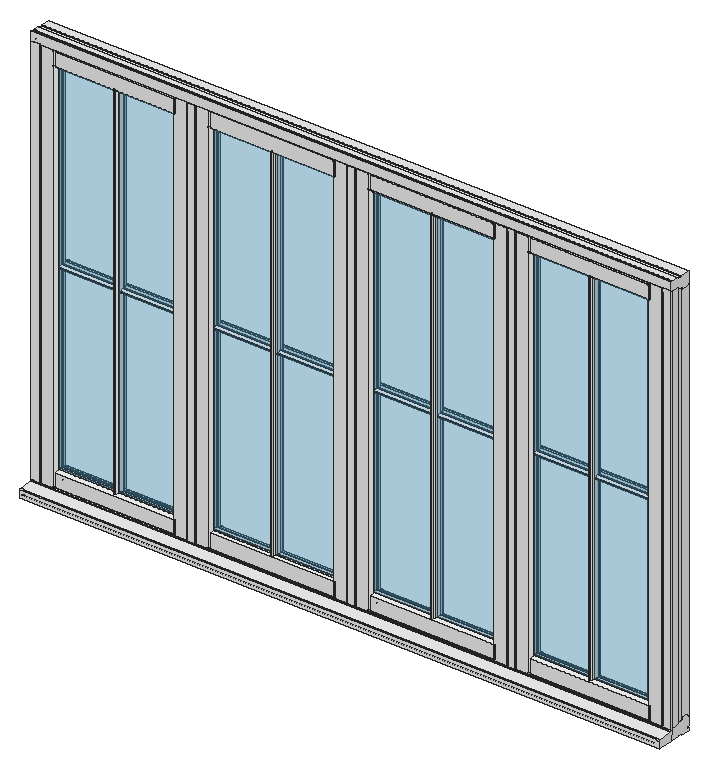
Revit family "C4-4P", category Windows, host Wall, Revit 2012 (continued)
Automatic sketch dimensions
  Sweep 13 sketch curve to Sweep 13 sketch curve = 2.995 mm
  Sweep 13 sketch curve to Sweep 13 sketch curve = 6.921 mm
  Sweep 13 sketch curve to Sweep 13 sketch curve = 2.353 mm
  Sweep 13 sketch curve to Sweep 13 sketch curve = 0.647 mm
  profile plane to Sweep 13 sketch curve = 7 mm
  Sweep 13 sketch curve to profile plane = 1 mm
  Sweep 13 sketch curve to Sweep 13 sketch curve = 3 mm  (x3)
  Sweep 13 sketch curve to Sweep 13 sketch curve = 10 mm  (x3)
  Sweep 13 sketch curve to Sweep 13 sketch curve = 4 mm
  Sweep 13 sketch curve to Sweep 13 sketch curve = 16 mm
  level to Sweep 13 sketch curve = 2628.4 mm
  Sweep 13 sketch curve to Sweep 13 sketch curve = 12 mm
  Sweep 13 sketch curve to Sweep 13 sketch curve = 0 mm  (x3)
  Sweep 13 sketch curve to Sweep 13 sketch curve = 8 mm  (x2)
  Sweep 13 sketch curve to Sweep 13 sketch curve = 2.83 mm
  Sweep 13 sketch curve to Sweep 13 sketch curve = 50 mm
  profile plane to Sweep 14 sketch curve = 10 mm  (x2)
  Sweep 14 sketch curve to Sweep 14 sketch curve = 2 mm  (x5)
  profile plane to Sweep 14 sketch curve = 2.5 mm
  profile plane to Sweep 14 sketch curve = 2.449 mm
  profile plane to Sweep 14 sketch curve = 0.964 mm
  Sweep 14 sketch curve to profile plane = 0.964 mm
  Sweep 14 sketch curve to profile plane = 2.5 mm
  Sweep 14 sketch curve to profile plane = 2.551 mm
  Sweep 14 sketch curve to Sweep 14 sketch curve = 7.036 mm
  Sweep 14 sketch curve to profile plane = 10 mm
  Sweep 14 sketch curve to plane 1 "Center (Front/Back)" = 28.711 mm
  Sweep 14 sketch curve to Sweep 14 sketch curve = 7.5 mm
  Sweep 14 sketch curve to Sweep 14 sketch curve = 0.807 mm
  Sweep 14 sketch curve to Sweep 14 sketch curve = 2.5 mm  (x2)
  Sweep 14 sketch curve to Sweep 14 sketch curve = 6 mm
  plane 1 "Center (Front/Back)" to Sweep 14 sketch curve = 15.578 mm
  Sweep 14 sketch curve to Sweep 14 sketch curve = 2.8 mm
  Sweep 14 sketch curve to Sweep 14 sketch curve = 8.154 mm
  Sweep 14 sketch curve to Sweep 14 sketch curve = 0 mm
  profile plane to Sweep 15 sketch curve = 10 mm
  Sweep 15 sketch curve to profile plane = 10 mm
  Sweep 15 sketch curve to plane 1 "Center (Front/Back)" = 5.465 mm
  plane 1 "Center (Front/Back)" to Sweep 15 sketch curve = 10.535 mm
  profile plane to Sweep 16 sketch curve = 21 mm
  Sweep 16 sketch curve to plane 1 "Center (Front/Back)" = 47 mm
  Sweep 16 sketch curve to Sweep 16 sketch curve = 3 mm  (x3)
  Sweep 16 sketch curve to Sweep 16 sketch curve = 10 mm  (x2)
  Sweep 16 sketch curve to Sweep 16 sketch curve = 16 mm  (x2)
  Sweep 16 sketch curve to Sweep 16 sketch curve = 4 mm  (x3)
  Sweep 16 sketch curve to plane 1 "Center (Front/Back)" = 4 mm  (x2)
  Sweep 16 sketch curve to plane 1 "Center (Front/Back)" = 1 mm  (x2)
  plane 1 "Center (Front/Back)" to Sweep 16 sketch curve = 7 mm  (x2)
  Sweep 16 sketch curve to profile plane = 12 mm
  Sweep 16 sketch curve to Sweep 16 sketch curve = 25 mm  (x2)
  Sweep 16 sketch curve to Sweep 16 sketch curve = 2 mm  (x5)
  Sweep 16 sketch curve to Sweep 16 sketch curve = 7 mm  (x2)
  Sweep 16 sketch curve to Sweep 16 sketch curve = 12 mm  (x2)
  profile plane to Sweep 16 sketch curve = 14 mm
  Sweep 16 sketch curve to Sweep 16 sketch curve = 6 mm  (x3)
  Sweep 16 sketch curve to Sweep 16 sketch curve = 8 mm  (x2)
  Sweep 16 sketch curve to Sweep 16 sketch curve = 1 mm  (x3)
  Sweep 16 sketch curve to profile plane = 14 mm
  Sweep 16 sketch curve to Sweep 16 sketch curve = 0 mm
  Sweep 16 sketch curve to profile plane = 21 mm
  Sweep 17 sketch curve to profile plane = 21 mm
  Sweep 17 sketch curve to plane 1 "Center (Front/Back)" = 47 mm
  Sweep 17 sketch curve to Sweep 17 sketch curve = 3 mm  (x3)
  Sweep 17 sketch curve to Sweep 17 sketch curve = 10 mm  (x2)
  Sweep 17 sketch curve to Sweep 17 sketch curve = 16 mm  (x2)
  Sweep 17 sketch curve to Sweep 17 sketch curve = 4 mm  (x3)
  Sweep 17 sketch curve to plane 1 "Center (Front/Back)" = 4 mm  (x2)
  Sweep 17 sketch curve to plane 1 "Center (Front/Back)" = 1 mm  (x2)
  plane 1 "Center (Front/Back)" to Sweep 17 sketch curve = 7 mm  (x2)
  profile plane to Sweep 17 sketch curve = 12 mm
  Sweep 17 sketch curve to Sweep 17 sketch curve = 25 mm  (x2)
  Sweep 17 sketch curve to Sweep 17 sketch curve = 2 mm  (x5)
  Sweep 17 sketch curve to Sweep 17 sketch curve = 7 mm  (x2)
  Sweep 17 sketch curve to Sweep 17 sketch curve = 0 mm  (x2)
  Sweep 17 sketch curve to Sweep 17 sketch curve = 6 mm  (x2)
  profile plane to Sweep 17 sketch curve = 21 mm
  Sweep 17 sketch curve to Sweep 17 sketch curve = 8 mm  (x3)
  Sweep 17 sketch curve to Sweep 17 sketch curve = 12 mm
  Sweep 17 sketch curve to Sweep 17 sketch curve = 1 mm  (x3)
  Sweep 17 sketch curve to profile plane = 11 mm
  Sweep 17 sketch curve to profile plane = 14 mm
  Sweep 18 sketch curve to profile plane = 21 mm
  Sweep 18 sketch curve to plane 1 "Center (Front/Back)" = 47 mm
  Sweep 18 sketch curve to Sweep 18 sketch curve = 3 mm  (x3)
  Sweep 18 sketch curve to Sweep 18 sketch curve = 10 mm  (x2)
  Sweep 18 sketch curve to Sweep 18 sketch curve = 16 mm  (x2)
  Sweep 18 sketch curve to Sweep 18 sketch curve = 4 mm  (x3)
  Sweep 18 sketch curve to plane 1 "Center (Front/Back)" = 4 mm  (x2)
  Sweep 18 sketch curve to plane 1 "Center (Front/Back)" = 1 mm  (x2)
  plane 1 "Center (Front/Back)" to Sweep 18 sketch curve = 7 mm  (x2)
  profile plane to Sweep 18 sketch curve = 12 mm
  Sweep 18 sketch curve to Sweep 18 sketch curve = 25 mm  (x2)
  Sweep 18 sketch curve to Sweep 18 sketch curve = 2 mm  (x5)
  Sweep 18 sketch curve to Sweep 18 sketch curve = 7 mm  (x2)
  Sweep 18 sketch curve to Sweep 18 sketch curve = 0 mm  (x2)
  Sweep 18 sketch curve to Sweep 18 sketch curve = 6 mm  (x2)
  profile plane to Sweep 18 sketch curve = 21 mm
  Sweep 18 sketch curve to Sweep 18 sketch curve = 8 mm  (x3)
  Sweep 18 sketch curve to Sweep 18 sketch curve = 12 mm
  Sweep 18 sketch curve to Sweep 18 sketch curve = 1 mm  (x3)
  Sweep 18 sketch curve to profile plane = 11 mm
  Sweep 18 sketch curve to profile plane = 14 mm
  Sweep 19 sketch curve to plane 6 "Sill" = 0 mm
  Sweep 19 sketch curve to plane 12 = 0 mm
  Sweep 19 sketch curve to profile plane = 0 mm
  profile plane to Sweep 19 sketch curve = 3 mm  (x2)
  profile plane to Sweep 19 sketch curve = 8 mm  (x2)
  Sweep 19 sketch curve to Sweep 19 sketch curve = 2 mm  (x3)
  Sweep 19 sketch curve to Sweep 19 sketch curve = 3 mm
  Sweep 19 sketch curve to Sweep 19 sketch curve = 42 mm
  Sweep 19 sketch curve to Sweep 19 sketch curve = 6 mm
  Sweep 19 sketch curve to Sweep 19 sketch curve = 10 mm
  Sweep 19 sketch curve to profile plane = 13 mm
  profile plane to Sweep 19 sketch curve = 6 mm
  Sweep 19 sketch curve to Sweep 19 sketch curve = 18 mm
  profile plane to Sweep 19 sketch curve = 35 mm
  Sweep 19 sketch curve to Sweep 19 sketch curve = 11 mm
  Sweep 20 sketch curve to plane 6 "Sill" = 0 mm
  Sweep 20 sketch curve to profile plane = 0 mm
  Sweep 20 sketch curve to profile plane = 3 mm
  Sweep 20 sketch curve to Sweep 20 sketch curve = 0 mm
  Sweep 20 sketch curve to profile plane = 8 mm
  Sweep 20 sketch curve to Sweep 20 sketch curve = 5 mm
  Sweep 20 sketch curve to Sweep 20 sketch curve = 2 mm  (x3)
  Sweep 20 sketch curve to Sweep 20 sketch curve = 3 mm
  Sweep 20 sketch curve to plane 1 "Center (Front/Back)" = 14.25 mm
  Sweep 20 sketch curve to Sweep 20 sketch curve = 41 mm
  Sweep 20 sketch curve to Sweep 20 sketch curve = 6 mm
  Sweep 20 sketch curve to Sweep 20 sketch curve = 10 mm
  plane 1 "Center (Front/Back)" to Sweep 20 sketch curve = 4.75 mm
  Sweep 20 sketch curve to Sweep 20 sketch curve = 18 mm
  plane 1 "Center (Front/Back)" to Sweep 20 sketch curve = 33.75 mm
  Sweep 20 sketch curve to Sweep 20 sketch curve = 11 mm
  Sweep 21 sketch curve to plane 6 "Sill" = 0 mm
  Sweep 21 sketch curve to plane 12 = 0 mm
  Sweep 21 sketch curve to profile plane = 0 mm
  profile plane to Sweep 21 sketch curve = 3 mm  (x2)
  profile plane to Sweep 21 sketch curve = 8 mm  (x2)
  Sweep 21 sketch curve to Sweep 21 sketch curve = 2 mm  (x3)
  Sweep 21 sketch curve to Sweep 21 sketch curve = 3 mm
  Sweep 21 sketch curve to Sweep 21 sketch curve = 42 mm
  Sweep 21 sketch curve to Sweep 21 sketch curve = 6 mm
  Sweep 21 sketch curve to Sweep 21 sketch curve = 10 mm
  Sweep 21 sketch curve to profile plane = 13 mm
  profile plane to Sweep 21 sketch curve = 6 mm
  Sweep 21 sketch curve to Sweep 21 sketch curve = 18 mm
  profile plane to Sweep 21 sketch curve = 35 mm
  Sweep 21 sketch curve to Sweep 21 sketch curve = 11 mm
  plane 23 to Sweep 22 sketch curve = 52 mm
  profile plane to Sweep 22 sketch curve = 0 mm
  Sweep 22 sketch curve to profile plane = 3 mm
  Sweep 22 sketch curve to Sweep 22 sketch curve = 0 mm
  Sweep 22 sketch curve to profile plane = 12 mm
  Sweep 22 sketch curve to Sweep 22 sketch curve = 9 mm
  Sweep 22 sketch curve to Sweep 22 sketch curve = 2 mm  (x3)
  Sweep 22 sketch curve to Sweep 22 sketch curve = 3 mm
  Sweep 22 sketch curve to plane 1 "Center (Front/Back)" = 14.75 mm
  Sweep 22 sketch curve to Sweep 22 sketch curve = 41 mm
  Sweep 22 sketch curve to Sweep 22 sketch curve = 6 mm
  Sweep 22 sketch curve to Sweep 22 sketch curve = 10 mm
  plane 1 "Center (Front/Back)" to Sweep 22 sketch curve = 4.25 mm
  Sweep 22 sketch curve to Sweep 22 sketch curve = 18 mm
  plane 1 "Center (Front/Back)" to Sweep 22 sketch curve = 33.25 mm
  Sweep 22 sketch curve to Sweep 22 sketch curve = 11 mm
  Sweep 23 sketch curve to plane 24 = 52 mm
  profile plane to Sweep 23 sketch curve = 0 mm
  Sweep 23 sketch curve to profile plane = 3 mm
  Sweep 23 sketch curve to Sweep 23 sketch curve = 0 mm
  Sweep 23 sketch curve to profile plane = 12 mm
  Sweep 23 sketch curve to Sweep 23 sketch curve = 9 mm
  Sweep 23 sketch curve to Sweep 23 sketch curve = 2 mm  (x3)
  Sweep 23 sketch curve to Sweep 23 sketch curve = 3 mm
  Sweep 23 sketch curve to plane 1 "Center (Front/Back)" = 14.75 mm
  Sweep 23 sketch curve to Sweep 23 sketch curve = 41 mm
  Sweep 23 sketch curve to Sweep 23 sketch curve = 6 mm
  Sweep 23 sketch curve to Sweep 23 sketch curve = 10 mm
  plane 1 "Center (Front/Back)" to Sweep 23 sketch curve = 4.25 mm
  Sweep 23 sketch curve to Sweep 23 sketch curve = 18 mm
  plane 1 "Center (Front/Back)" to Sweep 23 sketch curve = 33.25 mm
  Sweep 23 sketch curve to Sweep 23 sketch curve = 11 mm
  Sweep 24 sketch curve to plane 25 = 52 mm
  Sweep 24 sketch curve to profile plane = 0 mm
  profile plane to Sweep 24 sketch curve = 3 mm  (x2)
  profile plane to Sweep 24 sketch curve = 12 mm  (x2)
  Sweep 24 sketch curve to Sweep 24 sketch curve = 2 mm  (x3)
  Sweep 24 sketch curve to Sweep 24 sketch curve = 3 mm
  Sweep 24 sketch curve to Sweep 24 sketch curve = 42 mm
  Sweep 24 sketch curve to Sweep 24 sketch curve = 6 mm
  Sweep 24 sketch curve to Sweep 24 sketch curve = 10 mm
  Sweep 24 sketch curve to plane 1 "Center (Front/Back)" = 14.75 mm
  plane 1 "Center (Front/Back)" to Sweep 24 sketch curve = 4.25 mm
  Sweep 24 sketch curve to Sweep 24 sketch curve = 18 mm
  plane 1 "Center (Front/Back)" to Sweep 24 sketch curve = 33.25 mm
  Sweep 24 sketch curve to Sweep 24 sketch curve = 11 mm
  Sweep 25 sketch curve to plane 23 = 58 mm
  profile plane to Sweep 25 sketch curve = 6 mm
  profile plane to Sweep 25 sketch curve = 1 mm
  Sweep 25 sketch curve to profile plane = 6 mm
  plane 1 "Center (Front/Back)" to Sweep 25 sketch curve = 1 mm
  Sweep 25 sketch curve to Sweep 25 sketch curve = 1 mm  (x2)
  plane 1 "Center (Front/Back)" to Sweep 25 sketch curve = 5 mm
  Sweep 25 sketch curve to Sweep 25 sketch curve = 4 mm
  Sweep 25 sketch curve to Sweep 25 sketch curve = 3 mm
  plane 1 "Center (Front/Back)" to Sweep 25 sketch curve = 9 mm
  Sweep 26 sketch curve to plane 25 = 58 mm
  profile plane to Sweep 26 sketch curve = 6 mm
  profile plane to Sweep 26 sketch curve = 1 mm
  Sweep 26 sketch curve to profile plane = 6 mm
  plane 1 "Center (Front/Back)" to Sweep 26 sketch curve = 1 mm
  Sweep 26 sketch curve to Sweep 26 sketch curve = 1 mm  (x2)
  plane 1 "Center (Front/Back)" to Sweep 26 sketch curve = 5 mm
  Sweep 26 sketch curve to Sweep 26 sketch curve = 4 mm
  Sweep 26 sketch curve to Sweep 26 sketch curve = 3 mm
  plane 1 "Center (Front/Back)" to Sweep 26 sketch curve = 9 mm
  plane 24 to Sweep 27 sketch curve = 58 mm
  profile plane to Sweep 27 sketch curve = 6 mm
  profile plane to Sweep 27 sketch curve = 1 mm
  Sweep 27 sketch curve to profile plane = 6 mm
  plane 1 "Center (Front/Back)" to Sweep 27 sketch curve = 1 mm
  Sweep 27 sketch curve to Sweep 27 sketch curve = 1 mm  (x2)
  plane 1 "Center (Front/Back)" to Sweep 27 sketch curve = 5 mm
  Sweep 27 sketch curve to Sweep 27 sketch curve = 4 mm
  Sweep 27 sketch curve to Sweep 27 sketch curve = 3 mm
  plane 1 "Center (Front/Back)" to Sweep 27 sketch curve = 9 mm
  plane 25 to Sweep 28 sketch curve = 58 mm
  profile plane to Sweep 28 sketch curve = 4 mm
  Sweep 28 sketch curve to profile plane = 6 mm
  plane 1 "Center (Front/Back)" to Sweep 28 sketch curve = 13.165 mm
  Sweep 28 sketch curve to Sweep 28 sketch curve = 16 mm
  plane 23 to Sweep 29 sketch curve = 58 mm
  profile plane to Sweep 29 sketch curve = 4 mm
  Sweep 29 sketch curve to profile plane = 6 mm
  profile plane to Sweep 29 sketch curve = 13.165 mm
  Sweep 29 sketch curve to Sweep 29 sketch curve = 16 mm
  Sweep 30 sketch curve to plane 22 = 58 mm
  profile plane to Sweep 30 sketch curve = 4 mm
  Sweep 30 sketch curve to profile plane = 6 mm
  plane 1 "Center (Front/Back)" to Sweep 30 sketch curve = 13.165 mm
  Sweep 30 sketch curve to Sweep 30 sketch curve = 16 mm
  Sweep 31 sketch curve to profile plane = 2.5 mm
  Sweep 31 sketch curve to plane 1 "Center (Front/Back)" = 12.461 mm
  Sweep 31 sketch curve to Sweep 31 sketch curve = 2 mm  (x5)
  Sweep 31 sketch curve to plane 1 "Center (Front/Back)" = 2.961 mm  (x2)
  Sweep 31 sketch curve to profile plane = 0.964 mm
  Sweep 31 sketch curve to plane 1 "Center (Front/Back)" = 2.154 mm
  profile plane to Sweep 31 sketch curve = 0.964 mm
  Sweep 31 sketch curve to Sweep 31 sketch curve = 0 mm  (x2)
  Sweep 31 sketch curve to plane 1 "Center (Front/Back)" = 0.461 mm  (x2)
  plane 1 "Center (Front/Back)" to Sweep 31 sketch curve = 5.539 mm
  Sweep 31 sketch curve to profile plane = 10 mm
  Sweep 31 sketch curve to Sweep 31 sketch curve = 26.289 mm
  Sweep 31 sketch curve to Sweep 31 sketch curve = 2.8 mm
  Sweep 31 sketch curve to profile plane = 2.551 mm
  Sweep 31 sketch curve to Sweep 31 sketch curve = 8.154 mm
  profile plane to Sweep 31 sketch curve = 2.449 mm
  profile plane to Sweep 31 sketch curve = 2.5 mm
  profile plane to Sweep 31 sketch curve = 10 mm
  profile plane to Sweep 32 sketch curve = 10 mm
  Sweep 32 sketch curve to profile plane = 10 mm
  plane 1 "Center (Front/Back)" to Sweep 32 sketch curve = 11.41 mm
  Sweep 32 sketch curve to Sweep 32 sketch curve = 16 mm
  Sweep 33 sketch curve to profile plane = 2.5 mm
  Sweep 33 sketch curve to plane 1 "Center (Front/Back)" = 12.461 mm
  Sweep 33 sketch curve to Sweep 33 sketch curve = 2 mm  (x5)
  Sweep 33 sketch curve to plane 1 "Center (Front/Back)" = 2.961 mm  (x2)
  Sweep 33 sketch curve to profile plane = 0.964 mm
  Sweep 33 sketch curve to plane 1 "Center (Front/Back)" = 2.154 mm
  profile plane to Sweep 33 sketch curve = 0.964 mm
  Sweep 33 sketch curve to Sweep 33 sketch curve = 0 mm  (x2)
  Sweep 33 sketch curve to plane 1 "Center (Front/Back)" = 0.461 mm  (x2)
  plane 1 "Center (Front/Back)" to Sweep 33 sketch curve = 5.539 mm
  Sweep 33 sketch curve to profile plane = 10 mm
  Sweep 33 sketch curve to Sweep 33 sketch curve = 26.289 mm
  Sweep 33 sketch curve to Sweep 33 sketch curve = 2.8 mm
  Sweep 33 sketch curve to profile plane = 2.551 mm
  Sweep 33 sketch curve to Sweep 33 sketch curve = 8.154 mm
  profile plane to Sweep 33 sketch curve = 2.449 mm
  profile plane to Sweep 33 sketch curve = 2.5 mm
  profile plane to Sweep 33 sketch curve = 10 mm
  profile plane to Sweep 34 sketch curve = 10 mm
  Sweep 34 sketch curve to profile plane = 10 mm
  plane 1 "Center (Front/Back)" to Sweep 34 sketch curve = 11.41 mm
  Sweep 34 sketch curve to Sweep 34 sketch curve = 16 mm
  Sweep 35 sketch curve to profile plane = 2.5 mm
  Sweep 35 sketch curve to plane 1 "Center (Front/Back)" = 12.461 mm
  Sweep 35 sketch curve to Sweep 35 sketch curve = 2 mm  (x5)
  Sweep 35 sketch curve to plane 1 "Center (Front/Back)" = 2.961 mm  (x2)
  Sweep 35 sketch curve to profile plane = 0.964 mm
  Sweep 35 sketch curve to plane 1 "Center (Front/Back)" = 2.154 mm
  profile plane to Sweep 35 sketch curve = 0.964 mm
  Sweep 35 sketch curve to Sweep 35 sketch curve = 0 mm  (x2)
  Sweep 35 sketch curve to plane 1 "Center (Front/Back)" = 0.461 mm  (x2)
  plane 1 "Center (Front/Back)" to Sweep 35 sketch curve = 5.539 mm
  Sweep 35 sketch curve to profile plane = 10 mm
  Sweep 35 sketch curve to Sweep 35 sketch curve = 26.289 mm
  Sweep 35 sketch curve to Sweep 35 sketch curve = 2.8 mm
  Sweep 35 sketch curve to profile plane = 2.551 mm
  Sweep 35 sketch curve to Sweep 35 sketch curve = 8.154 mm
  profile plane to Sweep 35 sketch curve = 2.449 mm
  profile plane to Sweep 35 sketch curve = 2.5 mm
  profile plane to Sweep 35 sketch curve = 10 mm
  profile plane to Sweep 36 sketch curve = 10 mm
  Sweep 36 sketch curve to profile plane = 10 mm
  plane 1 "Center (Front/Back)" to Sweep 36 sketch curve = 11.41 mm
  Sweep 36 sketch curve to Sweep 36 sketch curve = 16 mm
  Sweep 37 sketch curve to profile plane = 2.5 mm
  Sweep 37 sketch curve to plane 1 "Center (Front/Back)" = 12.461 mm
  Sweep 37 sketch curve to Sweep 37 sketch curve = 2 mm  (x5)
  Sweep 37 sketch curve to plane 1 "Center (Front/Back)" = 2.961 mm  (x2)
  Sweep 37 sketch curve to profile plane = 0.964 mm
  Sweep 37 sketch curve to plane 1 "Center (Front/Back)" = 2.154 mm
  profile plane to Sweep 37 sketch curve = 0.964 mm
  Sweep 37 sketch curve to Sweep 37 sketch curve = 0 mm  (x2)
  Sweep 37 sketch curve to plane 1 "Center (Front/Back)" = 0.461 mm  (x2)
  plane 1 "Center (Front/Back)" to Sweep 37 sketch curve = 5.539 mm
  Sweep 37 sketch curve to profile plane = 10 mm
  Sweep 37 sketch curve to Sweep 37 sketch curve = 26.289 mm
  Sweep 37 sketch curve to Sweep 37 sketch curve = 2.8 mm
  Sweep 37 sketch curve to profile plane = 2.551 mm
  Sweep 37 sketch curve to Sweep 37 sketch curve = 8.154 mm
  profile plane to Sweep 37 sketch curve = 2.449 mm
  profile plane to Sweep 37 sketch curve = 2.5 mm
  profile plane to Sweep 37 sketch curve = 10 mm
  profile plane to Sweep 38 sketch curve = 10 mm
  Sweep 38 sketch curve to profile plane = 10 mm
  plane 1 "Center (Front/Back)" to Sweep 38 sketch curve = 11.41 mm
  Sweep 38 sketch curve to Sweep 38 sketch curve = 16 mm
  Sweep 39 sketch curve to profile plane = 0 mm
  profile plane to Sweep 39 sketch curve = 3 mm  (x2)
  profile plane to Sweep 39 sketch curve = 8 mm  (x2)
  Sweep 39 sketch curve to Sweep 39 sketch curve = 2 mm  (x3)
  Sweep 39 sketch curve to Sweep 39 sketch curve = 3 mm
  Sweep 39 sketch curve to Sweep 39 sketch curve = 42 mm
  Sweep 39 sketch curve to Sweep 39 sketch curve = 6 mm
  Sweep 39 sketch curve to Sweep 39 sketch curve = 10 mm
  Sweep 39 sketch curve to plane 1 "Center (Front/Back)" = 14.25 mm
  plane 1 "Center (Front/Back)" to Sweep 39 sketch curve = 4.75 mm
  Sweep 39 sketch curve to Sweep 39 sketch curve = 18 mm
  plane 1 "Center (Front/Back)" to Sweep 39 sketch curve = 33.75 mm
  Sweep 39 sketch curve to Sweep 39 sketch curve = 11 mm
  Sweep 40 sketch curve to profile plane = 0 mm
  Sweep 40 sketch curve to profile plane = 3 mm
  Sweep 40 sketch curve to Sweep 40 sketch curve = 0 mm
  Sweep 40 sketch curve to profile plane = 12 mm
  Sweep 40 sketch curve to Sweep 40 sketch curve = 9 mm
  Sweep 40 sketch curve to Sweep 40 sketch curve = 2 mm  (x3)
  Sweep 40 sketch curve to Sweep 40 sketch curve = 3 mm
  Sweep 40 sketch curve to profile plane = 13 mm
  Sweep 40 sketch curve to Sweep 40 sketch curve = 41 mm
  Sweep 40 sketch curve to Sweep 40 sketch curve = 6 mm
  Sweep 40 sketch curve to Sweep 40 sketch curve = 10 mm
  profile plane to Sweep 40 sketch curve = 6 mm
  Sweep 40 sketch curve to Sweep 40 sketch curve = 18 mm
  profile plane to Sweep 40 sketch curve = 35 mm
  Sweep 40 sketch curve to Sweep 40 sketch curve = 11 mm
  Sweep 41 sketch curve to plane 6 "Sill" = 0 mm
  Sweep 41 sketch curve to profile plane = 0 mm
  Sweep 41 sketch curve to profile plane = 3 mm
  Sweep 41 sketch curve to Sweep 41 sketch curve = 0 mm
  Sweep 41 sketch curve to profile plane = 8 mm
  Sweep 41 sketch curve to Sweep 41 sketch curve = 5 mm
  Sweep 41 sketch curve to Sweep 41 sketch curve = 2 mm  (x3)
  Sweep 41 sketch curve to Sweep 41 sketch curve = 3 mm
  Sweep 41 sketch curve to profile plane = 13 mm
  Sweep 41 sketch curve to Sweep 41 sketch curve = 41 mm
  Sweep 41 sketch curve to Sweep 41 sketch curve = 6 mm
  Sweep 41 sketch curve to Sweep 41 sketch curve = 10 mm
  profile plane to Sweep 41 sketch curve = 6 mm
  Sweep 41 sketch curve to Sweep 41 sketch curve = 18 mm
  profile plane to Sweep 41 sketch curve = 35 mm
  Sweep 41 sketch curve to Sweep 41 sketch curve = 11 mm
  Sweep 42 sketch curve to plane 6 "Sill" = 0 mm
  Sweep 42 sketch curve to profile plane = 0 mm
  Sweep 42 sketch curve to profile plane = 3 mm
  Sweep 42 sketch curve to Sweep 42 sketch curve = 0 mm
  Sweep 42 sketch curve to profile plane = 8 mm
  Sweep 42 sketch curve to Sweep 42 sketch curve = 5 mm
  Sweep 42 sketch curve to Sweep 42 sketch curve = 2 mm  (x3)
  Sweep 42 sketch curve to Sweep 42 sketch curve = 3 mm
  Sweep 42 sketch curve to profile plane = 13 mm
  Sweep 42 sketch curve to Sweep 42 sketch curve = 41 mm
  Sweep 42 sketch curve to Sweep 42 sketch curve = 6 mm
  Sweep 42 sketch curve to Sweep 42 sketch curve = 10 mm
  profile plane to Sweep 42 sketch curve = 6 mm
  Sweep 42 sketch curve to Sweep 42 sketch curve = 18 mm
  profile plane to Sweep 42 sketch curve = 35 mm
  Sweep 42 sketch curve to Sweep 42 sketch curve = 11 mm
  Sweep 43 sketch curve to plane 6 "Sill" = 0 mm
  Sweep 43 sketch curve to profile plane = 0 mm
  profile plane to Sweep 43 sketch curve = 3 mm  (x2)
  profile plane to Sweep 43 sketch curve = 8 mm  (x2)
  Sweep 43 sketch curve to Sweep 43 sketch curve = 2 mm  (x3)
  Sweep 43 sketch curve to Sweep 43 sketch curve = 3 mm
  Sweep 43 sketch curve to Sweep 43 sketch curve = 42 mm
  Sweep 43 sketch curve to Sweep 43 sketch curve = 6 mm
  Sweep 43 sketch curve to Sweep 43 sketch curve = 10 mm
  Sweep 43 sketch curve to profile plane = 13 mm
  profile plane to Sweep 43 sketch curve = 6 mm
  Sweep 43 sketch curve to Sweep 43 sketch curve = 18 mm
  profile plane to Sweep 43 sketch curve = 35 mm
  Sweep 43 sketch curve to Sweep 43 sketch curve = 11 mm
  Sweep 44 sketch curve to profile plane = 0 mm
  Sweep 44 sketch curve to profile plane = 3 mm
  Sweep 44 sketch curve to Sweep 44 sketch curve = 0 mm
  Sweep 44 sketch curve to profile plane = 12 mm
  Sweep 44 sketch curve to Sweep 44 sketch curve = 9 mm
  Sweep 44 sketch curve to Sweep 44 sketch curve = 2 mm  (x3)
  Sweep 44 sketch curve to Sweep 44 sketch curve = 3 mm
  Sweep 44 sketch curve to profile plane = 13 mm
  Sweep 44 sketch curve to Sweep 44 sketch curve = 41 mm
  Sweep 44 sketch curve to Sweep 44 sketch curve = 6 mm
  Sweep 44 sketch curve to Sweep 44 sketch curve = 10 mm
  profile plane to Sweep 44 sketch curve = 6 mm
  Sweep 44 sketch curve to Sweep 44 sketch curve = 18 mm
  profile plane to Sweep 44 sketch curve = 35 mm
  Sweep 44 sketch curve to Sweep 44 sketch curve = 11 mm
  Sweep 45 sketch curve to profile plane = 0 mm
  Sweep 45 sketch curve to profile plane = 3 mm
  Sweep 45 sketch curve to Sweep 45 sketch curve = 0 mm
  Sweep 45 sketch curve to profile plane = 12 mm
  Sweep 45 sketch curve to Sweep 45 sketch curve = 9 mm
  Sweep 45 sketch curve to Sweep 45 sketch curve = 2 mm  (x3)
  Sweep 45 sketch curve to Sweep 45 sketch curve = 3 mm
  Sweep 45 sketch curve to profile plane = 13 mm
  Sweep 45 sketch curve to Sweep 45 sketch curve = 41 mm
  Sweep 45 sketch curve to Sweep 45 sketch curve = 6 mm
  Sweep 45 sketch curve to Sweep 45 sketch curve = 10 mm
  profile plane to Sweep 45 sketch curve = 6 mm
  Sweep 45 sketch curve to Sweep 45 sketch curve = 18 mm
  profile plane to Sweep 45 sketch curve = 35 mm
  Sweep 45 sketch curve to Sweep 45 sketch curve = 11 mm
  Sweep 46 sketch curve to profile plane = 0 mm
  Sweep 46 sketch curve to profile plane = 3 mm
  Sweep 46 sketch curve to Sweep 46 sketch curve = 0 mm
  Sweep 46 sketch curve to profile plane = 12 mm
  Sweep 46 sketch curve to Sweep 46 sketch curve = 9 mm
  Sweep 46 sketch curve to Sweep 46 sketch curve = 2 mm  (x3)
  Sweep 46 sketch curve to Sweep 46 sketch curve = 3 mm
  Sweep 46 sketch curve to profile plane = 13 mm
  Sweep 46 sketch curve to Sweep 46 sketch curve = 41 mm
  Sweep 46 sketch curve to Sweep 46 sketch curve = 6 mm
  Sweep 46 sketch curve to Sweep 46 sketch curve = 10 mm
  profile plane to Sweep 46 sketch curve = 6 mm
  Sweep 46 sketch curve to Sweep 46 sketch curve = 18 mm
  profile plane to Sweep 46 sketch curve = 35 mm
  Sweep 46 sketch curve to Sweep 46 sketch curve = 11 mm
  plane 22 to Sweep 46 sketch curve = 52 mm
  plane 14 to Sweep 46 sketch curve = 6 mm
  plane 26 to Sweep 45 sketch curve = 52 mm
  Sweep 45 sketch curve to plane 23 = 52 mm
  plane 25 to Sweep 40 sketch curve = 52 mm
  plane 27 to Sweep 40 sketch curve = 52 mm
  plane 15 to Sweep 44 sketch curve = 6 mm
  plane 24 to Sweep 44 sketch curve = 52 mm
  Sweep 23 sketch curve to plane 15 = 6 mm
  Sweep 24 sketch curve to plane 27 = 52 mm
  Sweep 22 sketch curve to plane 26 = 52 mm
  plane 14 to Sweep 7 sketch curve = 6 mm
